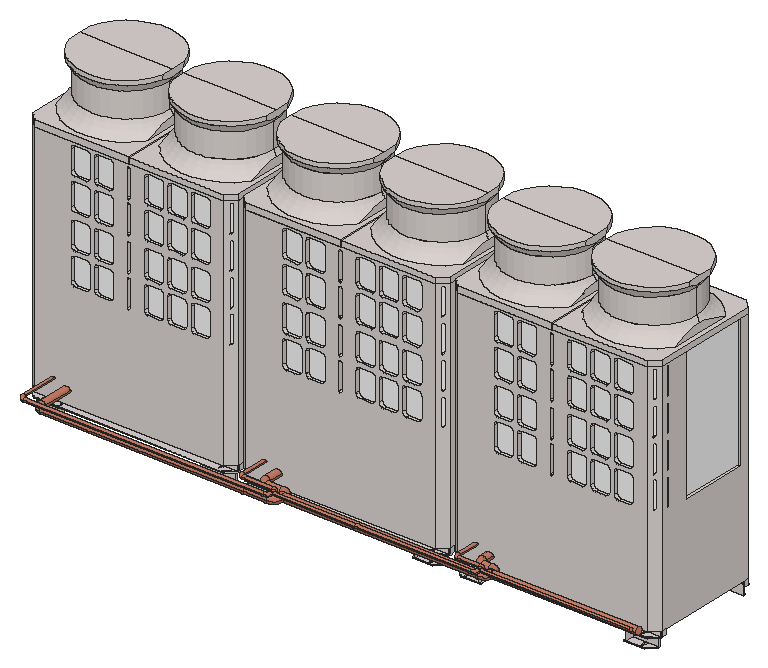
Revit family "PUHY-EP1300YSNW-A1", category 機械設備, Revit 2016 (continued)
Definition of nested family "PUHY-EP450YNW-A1"
  Dimensions and locks
    Extrusion 19 sketch curve to Extrusion 19 sketch curve = 170.800 mm
    Extrusion 20 sketch curve to Extrusion 20 sketch curve = 116.800 mm
    Extrusion 20 sketch curve to Extrusion 20 sketch curve = 170.800 mm
    Extrusion 21 sketch curve to Extrusion 21 sketch curve = 116.800 mm
    Extrusion 21 sketch curve to Extrusion 21 sketch curve = 170.800 mm
    plane 3 "Center (Left/Right)" to cut or joined group 1 (Extrusion 1, Extrusion 2, Extrusion 3, Extrusion 4, Extrusion 5, Extrusion 6, Extrusion 7, Extrusion 8, Extrusion 9, Extrusion 10, Extrusion 11, Extrusion 12, Extrusion 13, Extrusion 14, Extrusion 15, Extrusion 16, Extrusion 17, Extrusion 18, Extrusion 19, Extrusion 20, Extrusion 21, Extrusion 22, Extrusion 23, Extrusion 24, Extrusion 25, Extrusion 26, Extrusion 27, Extrusion 28, Extrusion 29, Extrusion 30, Extrusion 31, Extrusion 32, Extrusion 33) = 620.000 mm
    cut or joined group 1 to plane 3 "Center (Left/Right)" = 620.000 mm
    Extrusion 1 sketch curve to Extrusion 1 sketch curve = 1240.000 mm
    cut or joined group 1 to plane 8 = 185.000 mm
    cut or joined group 1 to plane 7 = 166.000 mm
    cut or joined group 1 to plane 6 = 110.000 mm
    cut or joined group 1 to plane 12 to cut or joined group 1 = 805.000 mm, 621.000 mm
    plane 5 to plane 2 = 1858.000 mm  (x2)
    cut or joined group 1 to plane 19 "132" = 132.000 mm
    cut or joined group 1 to plane 22 = 207.000 mm
    cut or joined group 1 to plane 23 = 256.000 mm
    cut or joined group 1 to plane 6 = 60.000 mm
    cut or joined group 1 to cut or joined group 1 = 42.154 mm
    cut or joined group 1 to cut or joined group 1 = 11.895 mm
    nested 1 to nested 3 to level = 1798.000 mm, 60.000 mm
    nested 1 to nested 1 = 303.000 mm
    nested 1 to nested 3 = 1495.000 mm
    nested 8 to nested 8 to nested 8 to nested 7 to nested 7 to nested 7 = 54.000 mm, 20.000 mm, 592.000 mm, 20.000 mm, 54.000 mm
    nested 3 to nested 3 = 56.000 mm
    plane 11 to plane 31 to plane 32 to cut or joined group 1 = 90.000 mm, 1060.000 mm, 90.000 mm
    curve 103 to nested 7 = 90.000 mm
    curve 104 to nested 7 = 125.000 mm
    curve 101 to nested 7 = 100.000 mm
    curve 11 to curve 13 to nested 7 = 84.000 mm, 71.000 mm
    cut or joined group 1 to curve 12 to curve 14 = 125.000 mm, 148.000 mm
    nested 2 to nested 7 = 1495.000 mm
    curve 87 to cut or joined group 1 = 152.000 mm
    curve 88 to cut or joined group 1 = 172.000 mm
    curve 89 to cut or joined group 1 = 216.000 mm
    cut or joined group 1 to curve 4 to curve 2 = 128.000 mm, 150.000 mm
    cut or joined group 1 to curve 1 to curve 3 = 79.000 mm, 94.000 mm
    Extrusion 32 sketch curve to nested 7 = 116.000 mm
    cut or joined group 1 to Extrusion 32 sketch curve = 160.000 mm
    cut or joined group 1 to Extrusion 33 sketch curve = 243.000 mm
    Extrusion 33 sketch curve to nested 7 = 116.000 mm
    aligned and locked: level to plane 2
    aligned and locked: Extrusion 1 to plane 4
  Nested families
    nested 1: "FAN GUARD" at (-311.5, 2, 860), type "FAN GUARD"
      with WIDTH 870.000 mm
    nested 2: "FAN GUARD" at (311.5, 2, 860) x (-1, 0, 0) z (0, 0, 1), type "FAN GUARD"
      with WIDTH 870.000 mm
    nested 3: "ATTACHMENT LEG" at (-524, -349, 0), type "ATTACHMENT LEG"
    nested 4: "ATTACHMENT LEG" at (-524, 349, 0), type "ATTACHMENT LEG"
    nested 5: "ATTACHMENT LEG" at (524, -349, 0) x (-1, 0, 0) z (0, 0, 1), type "ATTACHMENT LEG"
    nested 6: "ATTACHMENT LEG" at (524, 349, 0) x (-1, 0, 0) z (0, 0, 1), type "ATTACHMENT LEG"
    nested 7: "BASE LEG_L_" at (0, -352, 60), type "BASE LEG_L_"
      with Width 1240.000 mm
    nested 8: "BASE LEG_L_" at (0, 352, 60), type "BASE LEG_L_"
      with Width 1240.000 mm
  Connectors
    piping at (-460, -191, 176), diameter 25.4, driven by "Liquid pipe_radius"
      settings: on cut or joined group 1, index 3, connector inside diameter 25.4 mm, connector length 0.000 mm, flow factor 0, pipe flow 0.0 L/s, pressure drop 0.0 Pa, fitting loss kfactor 0, connector angle 0.00°, fixture units 0, engagement length 0.000 mm, angle of deflection 0.00°, flow configuration 0, flow direction 0, fitting loss method 0, system type 22, joint type 0, gender type 0, connector reference index -1, connector utility 0, adjustable connector no, is connector primary yes, connector description "Refrigerant service valve<Liquid pipe>"
    piping at (-377, -191, 176), diameter 28.58, driven by "Gas pipe_radius"
      settings: on cut or joined group 1, index 4, connector inside diameter 28.58 mm, connector length 0.000 mm, flow factor 0, pipe flow 0.0 L/s, pressure drop 0.0 Pa, fitting loss kfactor 0, connector angle 0.00°, fixture units 0, engagement length 0.000 mm, angle of deflection 0.00°, flow configuration 0, flow direction 0, fitting loss method 0, system type 22, joint type 0, gender type 0, connector reference index -1, connector utility 0, adjustable connector no, is connector primary no, connector description "Refrigerant service valve<Gas>"
    electrical at (0, -370, 808)
      settings: on cut or joined group 1, index 5, voltage 0 V, apparent load 0 VA, apparent load phase1 0 VA, apparent load phase2 0 VA, apparent load phase3 0 VA, power factor 1, load classification none, number of poles 1, system type 30, power factor state 1, is connector primary yes, connector utility no, sub classification motor no, connector description ""
  Definition of nested family "FAN GUARD"
    Parameters
      WIDTH [instance] = 870.000 mm
    Reference planes
      plane 1 "中心(正面/背面)": y = -2
      plane 2: z = 0
      plane 3 "ファンガード基準面": z = 661
      plane 4: y = 368
      plane 5: x = 366
      plane 6: x = -375
      plane 7 "ファンガード基準上面": z = 695
      plane 8 "ファンガード上面": z = 998
      plane 9: x = -273.971
      plane 10: x = 308.5
      plane 11: x = -308.5
      plane 12: x = 0
    Forms (mm)
      Extrusion 1, solid
        sketch origin (85, 0, 661) x (-1, 0, 0) y (0, -1, 0)
          loop
            line (343.5, -368) -> (393.5, -318) -> (393.5, 322) -> (343.5, 372) -> (-223.5, 372) -> (-223.5, -368) -> (343.5, -368)
        from 0 to 34
      Revolve 2, solid
        sketch origin (0, -2, 0) x (1, 0, 0) y (0, 0, 1)
          loop
            line (0, 695) -> (0, 998) -> (-290, 998) -> (-290, 972.327) -> (-260, 928.372) -> (-260, 777.384)
            arc (-260, 777.384) -> (-290.651, 730.137) -> (-334.665, 695) r 175.882
            line (-334.665, 695) -> (0, 695)
          axis (0, 998) -> (0, 695)
        angle from 0 to 360
      Extrusion 3, void
        sketch origin (-840, 75, 695) x (-1, 0, 0) y (0, -1, 0)
          loop
            line (-410, -165) -> (-410, 315) -> (-561.253, 315) -> (-561.253, -165) -> (-410, -165)
        from -35 to 430.592
      Extrusion 4, void
        sketch origin (840, 75, 695) x (1, 0, 0) y (0, 1, 0)
          loop
            line (-410, 165) -> (-561.253, 165) -> (-561.253, -315) -> (-410, -315) -> (-410, 165)
        from 0 to 430.592
    Cuts and joins
      Extrusion 3, Extrusion 4 cuts Revolve 2
      Extrusion 4 cuts Extrusion 1
    Lines and regions (mm)
      model lines
        curve 1: line (-278.747, 0, 998) -> (-80, 0, 998)
        curve 2: line (80, 0, 998) -> (278.747, 0, 998)
        curve 3: circle (0, 0, 998) r 80 normal (0, 0, 1)
        curve 4: line (-278.747, -80, 998) -> (278.747, -80, 998)
        curve 5: line (-241.868, -160, 998) -> (241.868, -160, 998)
        curve 6: line (-162.788, -240, 998) -> (162.788, -240, 998)
        curve 7: line (-278.747, 80, 998) -> (278.747, 80, 998)
        curve 8: line (-241.868, 160, 998) -> (240, 160, 998)
        curve 9: line (-160, 240, 998) -> (162.788, 240, 998)
        curve 10: line (0, 290, 998) -> (0, -290, 998)
        curve 11: line (-20, 289.31, 998) -> (-20, -289.31, 998)
        curve 12: line (-40, 287.228, 998) -> (-40, -287.228, 998)
        curve 13: line (-60, 283.725, 998) -> (-60, -283.725, 998)
        curve 14: line (-80, 278.747, 998) -> (-80, -278.747, 998)
        curve 15: line (20, 289.31, 998) -> (20, -289.31, 998)
        curve 16: line (40, 287.228, 998) -> (40, -287.228, 998)
        curve 17: line (60, 283.725, 998) -> (60, -283.725, 998)
        curve 18: line (80, 278.747, 998) -> (80, -278.747, 998)
        curve 19: line (100, 272.213, 998) -> (100, -272.213, 998)
        curve 20: line (120, 264.008, 998) -> (120, -264.008, 998)
        curve 21: line (140, 253.969, 998) -> (140, -253.969, 998)
        curve 22: line (160, 241.868, 998) -> (160, -243.132, 998)
        curve 23: line (180, 227.376, 998) -> (180, -227.624, 998)
        curve 24: line (200, 210, 998) -> (200, -210, 998)
        curve 25: line (220, 188.944, 998) -> (220, -188.944, 998)
        curve 26: line (240, 160, 998) -> (240, -162.788, 998)
        curve 27: line (260, 128.452, 998) -> (260, -128.452, 998)
        curve 28: line (-100, 272.213, 998) -> (-100, -272.213, 998)
        curve 29: line (-120, 264.008, 998) -> (-120, -264.008, 998)
        curve 30: line (-140, 253.969, 998) -> (-140, -253.969, 998)
        curve 31: line (-160, 240, 998) -> (-160, -241.868, 998)
        curve 32: line (-180, 227.376, 998) -> (-180, -227.376, 998)
        curve 33: line (-200, 210, 998) -> (-200, -210, 998)
        curve 34: line (-220, 188.944, 998) -> (-220, -188.944, 998)
        curve 35: line (-240, 162.788, 998) -> (-240, -162.788, 998)
        curve 36: line (-260, 128.452, 998) -> (-260, -128.452, 998)
        curve 37: line (10, 79.373, 998) -> (10, -79.373, 998)
        curve 38: line (-10, 79.373, 998) -> (-10, -79.373, 998)
        curve 39: line (30, 74.162, 998) -> (30, -74.162, 998)
        curve 40: line (50, 62.45, 998) -> (50, -62.45, 998)
        curve 41: line (70, 38.73, 998) -> (70, -38.73, 998)
        curve 42: line (-30, 74.162, 998) -> (-30, -74.162, 998)
        curve 43: line (-50, 62.45, 998) -> (-50, -62.45, 998)
        curve 44: line (-70, 38.73, 998) -> (-70, -38.73, 998)
    Dimensions and locks
      locked: plane 8 "ファンガード上面" to plane 7 "ファンガード基準上面" at 303
      plane 8 "ファンガード上面" to plane 3 "ファンガード基準面" = 337.000 mm
      Revolve 2 sketch curve to Revolve 2 sketch curve = 290.000 mm
      Extrusion 1 sketch curve to Extrusion 1 sketch curve = 740.000 mm
      equal spacing: Extrusion 1 sketch curve, plane 1 "中心(正面/背面)", Extrusion 1 sketch curve
      plane 6 to plane 5 = 741.000 mm
      Extrusion 1 sketch curve to Extrusion 1 sketch curve = 617.000 mm
      plane 11 to plane 10 = 617.000 mm
      cut or joined group of Extrusion 1, Extrusion 4 to cut or joined group of Extrusion 1, Extrusion 4 = 617.000 mm
      cut or joined group of Extrusion 1, Extrusion 4 to cut or joined group of Extrusion 1, Extrusion 4 = 740.000 mm
      aligned and locked: level to plane 2
      aligned and locked: plane 7 "ファンガード基準上面" to Extrusion 1
      aligned and locked: plane 3 "ファンガード基準面" to Extrusion 1
      aligned and locked: cut or joined group of Revolve 2, Extrusion 3, Extrusion 4 to plane 8 "ファンガード上面"
  Definition of nested family "ATTACHMENT LEG"
    Parameters
      Width = 145.000 mm
    Reference planes
      plane 1: z = 0
      plane 2 "中心(左/右)": x = -6
      plane 3: x = -52
      plane 4: x = 85
      plane 5: x = 93
      plane 6: y = -21
      plane 7: y = 27
      plane 8: x = -30
      plane 9: y = 39
      plane 10: z = 60
      plane 11: z = 57
      plane 12: z = 3
      plane 13: x = 82
      plane 14: y = 36
      plane 15: x = -75
      plane 16: y = 31
      plane 17 "幅": x = 93
      plane 18: y = 2.5
      plane 19: y = 21
      plane 20: y = -10
    Forms (mm)
      Extrusion 1, solid
        sketch origin (0, -1, 0) x (1, 0, 0) y (0, 1, 0)
          loop
            line (-75, 36) -> (-75, 27) -> (-28, -20) -> (93, -20) -> (93, 32) -> (85, 32) -> (85, 36) -> (-75, 36)
        from 0 to 60
      Extrusion 2, void
        sketch origin (0, -3, 0) x (1, 0, 0) y (0, 0, 1)
          loop
            line (-75, 57) -> (-75, 3) -> (82, 3) -> (82, 57) -> (-75, 57)
          loop
            line (93, 57) -> (85, 57) -> (85, 3) -> (93, 3) -> (93, 57)
        from -35 to 18
      Extrusion 3, void
        sketch origin (-6, 5.5, 0) x (1, 0, 0) y (0, 1, 0)
          loop
            arc (-7, -8.5) -> (0, -15.5) -> (7, -8.5) r 7
            line (7, -8.5) -> (7, 8.5)
            arc (7, 8.5) -> (0, 15.5) -> (-7, 8.5) r 7
            line (-7, 8.5) -> (-7, -8.5)
        from 0 to 60
    Cuts and joins
      Extrusion 2, Extrusion 3 cuts Extrusion 1
    Dimensions and locks
      locked: plane 3 to plane 4 at 137
      locked: plane 3 to plane 5 at 145
      plane 6 to plane 7 = 48.000 mm
      locked: plane 10 to level at 60
      Extrusion 3 sketch curve to plane 2 "中心(左/右)" = 7.000 mm
      locked: plane 15 to plane 2 "中心(左/右)" at 69
      locked: plane 15 to plane 8 at 45
      locked: plane 6 to plane 18 at 23.5
      cut or joined group of Extrusion 1, Extrusion 2, Extrusion 3 to cut or joined group of Extrusion 1, Extrusion 2, Extrusion 3 = 168.000 mm
      cut or joined group of Extrusion 1, Extrusion 2, Extrusion 3 to cut or joined group of Extrusion 1, Extrusion 2, Extrusion 3 = 56.000 mm  (x2)
      plane 14 to plane 6 = 57.000 mm
      aligned and locked: level to plane 1
      aligned and locked: Extrusion 1 sketch curve to plane 4
      aligned and locked: Extrusion 1 sketch curve to plane 5
      aligned: plane 8 to Extrusion 1 sketch curve
      aligned and locked: plane 10 to Extrusion 1
      aligned and locked: Extrusion 2 sketch curve to plane 11
      aligned: plane 3 to Extrusion 2 sketch curve
      aligned and locked: plane 12 to Extrusion 2 sketch curve
      aligned and locked: Extrusion 2 sketch curve to plane 13
      aligned and locked: plane 6 to Extrusion 2
      aligned and locked: plane 11 to Extrusion 2 sketch curve
      aligned and locked: plane 5 to Extrusion 2 sketch curve
      aligned and locked: Extrusion 2 sketch curve to plane 12
      aligned and locked: Extrusion 2 sketch curve to plane 4
      aligned and locked: plane 15 to Extrusion 1 sketch curve
      aligned and locked: Extrusion 2 sketch curve to cut or joined group of Extrusion 1, Extrusion 2, Extrusion 3
      aligned and locked: Extrusion 1 to plane 16
  Definition of nested family "BASE LEG_L_"
    Parameters
      Width [instance] = 1240.000 mm
    Reference planes
      plane 1 "中心(正面/背面)": y = 0
      plane 2: z = 0
      plane 3 "中心(左/右)": x = 0
      plane 4: x = 620
      plane 5: x = -620
      plane 6: x = -530
      plane 7: x = 530
      plane 8: y = -18
      plane 9: y = 39
      plane 10: z = 53
      plane 11: y = 42
      plane 12: y = 27
      plane 13: x = 575
      plane 14: x = -575
      plane 15: z = 8
      plane 16: y = 11.5
      plane 17: z = 35
    Forms (mm)
      Extrusion 1, solid
        sketch origin (0, 0, 0) x (0, 1, 0) y (0, 0, 1)
          loop
            line (-18, 0) -> (36, 0) -> (36, 32) -> (56, 32) -> (56, 35) -> (33, 35) -> (33, 3) -> (-18, 3) -> (-18, 0)
        from -620 to 620
      Extrusion 2, void
        sketch origin (0, 0, 0) x (1, 0, 0) y (0, 1, 0)
          loop
            line (575, -18) -> (620, -18) -> (620, 27) -> (575, -18)
          loop
            line (-575, -18) -> (-620, 27) -> (-620, -18) -> (-575, -18)
        from 0 to 250
      Extrusion 3, void
        sketch origin (0, 12.023, 0) x (1, 0, 0) y (0, 1, 0)
          loop
            arc (523, -2.971) -> (530, -9.971) -> (537, -2.971) r 7
            line (537, -2.971) -> (537, 3.023)
            arc (537, 3.023) -> (530, 10.023) -> (523, 3.023) r 7
            line (523, 3.023) -> (523, -2.971)
          loop
            line (-523, -2.971) -> (-523, 3.023)
            arc (-523, 3.023) -> (-530, 10.023) -> (-537, 3.023) r 7
            line (-537, 3.023) -> (-537, -2.971)
            arc (-537, -2.971) -> (-530, -9.971) -> (-523, -2.971) r 7
        from 0 to 250
      Extrusion 4, solid
        sketch origin (0, 0, -3) x (1, 0, 0) y (0, 0, 1)
          loop
            line (617, 8) -> (620, 8) -> (620, 35) -> (617, 35) -> (617, 8)
          loop
            line (-617, 8) -> (-617, 35) -> (-620, 35) -> (-620, 8) -> (-617, 8)
        from -36 to -56
      Extrusion 5, solid
        sketch origin (150, 352, 0) x (1, 0, 0) y (0, 1, 0)
          loop
            line (460, -319) -> (455, -319) -> (455, -320) -> (405, -370) -> (410, -370) -> (460, -320) -> (460, -319)
        from 3 to 35
      Extrusion 6, void
        sketch origin (560, -18, 0) x (0.707107, 0.707107, 0) y (0, 0, 1)
          loop
            line (70.711, 3) -> (-6.741, 39.767) -> (-6.741, 3) -> (70.711, 3)
        from -190.256 to 23.776
      Extrusion 7, solid
        sketch origin (-150, 352, 0) x (-1, 0, 0) y (0, -1, 0)
          loop
            line (460, 319) -> (460, 320) -> (410, 370) -> (405, 370) -> (455, 320) -> (455, 319) -> (460, 319)
        from 3 to 35
      Extrusion 8, void
        sketch origin (-560, -18, 0) x (0.707107, -0.707107, 0) y (0, 0, -1)
          loop
            line (-70.711, -3) -> (0, -35) -> (6.741, -35) -> (6.741, -3) -> (-70.711, -3)
        from -190.256 to 23.776
    Cuts and joins
      Extrusion 2, Extrusion 3 cuts Extrusion 1
      joined: Extrusion 1, Extrusion 4
      Extrusion 8 cuts Extrusion 7
      Extrusion 6 cuts Extrusion 5
    Dimensions and locks
      "Width": plane 5 to plane 4
      equal spacing: plane 5, plane 3 "中心(左/右)", plane 4
      locked: plane 5 to plane 6 at 90
      locked: plane 7 to plane 4 at 90
      locked: plane 8 to plane 9 at 57
      locked: plane 10 to level at 53
      locked: plane 9 to plane 11 at 3
      plane 8 to plane 12 = 45.000 mm
      locked: plane 13 to plane 4 at 45
      locked: plane 5 to plane 14 at 45
      equal spacing: Extrusion 3 sketch curve, plane 7, Extrusion 3 sketch curve
      equal spacing: Extrusion 3 sketch curve, plane 6, Extrusion 3 sketch curve
      locked: plane 10 to plane 15 at 45
      locked: cut or joined group of Extrusion 1, Extrusion 2, Extrusion 3, Extrusion 4 to Extrusion 4 sketch curve at 3  (x2)
      locked: plane 8 to plane 16 at 29.5
      plane 8 to plane 11 = 60.000 mm
      cut or joined group of Extrusion 1, Extrusion 2, Extrusion 3, Extrusion 4 to cut or joined group of Extrusion 1, Extrusion 2, Extrusion 3, Extrusion 4 = 35.000 mm
      aligned and locked: level to plane 2
      aligned and locked: plane 8 to Extrusion 1 sketch curve
      aligned and locked: plane 4 to Extrusion 1
      aligned and locked: Extrusion 1 to plane 5
      aligned and locked: Extrusion 2 sketch curve to plane 4
      aligned and locked: Extrusion 2 sketch curve to plane 8
      aligned and locked: plane 12 to Extrusion 2 sketch curve
      aligned and locked: plane 13 to Extrusion 2 sketch curve
      aligned and locked: plane 4 to Extrusion 4 sketch curve
      aligned and locked: plane 5 to Extrusion 4 sketch curve
      aligned and locked: cut or joined group of Extrusion 7, Extrusion 8 to cut or joined group of Extrusion 1, Extrusion 2, Extrusion 3, Extrusion 4
    Automatic sketch dimensions
      Extrusion 3 sketch curve to plane 1 "中心(正面/背面)" = 9.052 mm  (x2)
      Extrusion 3 sketch curve to plane 7 = 7.000 mm
      Extrusion 3 sketch curve to plane 1 "中心(正面/背面)" = 15.046 mm  (x2)
      Extrusion 3 sketch curve to plane 6 = 7.000 mm
      Extrusion 2 sketch curve to plane 5 = 0.000 mm
      plane 8 to Extrusion 2 sketch curve = 0.000 mm
      Extrusion 2 sketch curve to plane 14 = 0.000 mm
      plane 12 to Extrusion 2 sketch curve = 0.000 mm
      Extrusion 4 sketch curve to plane 10 = 21.000 mm
      plane 7 to Extrusion 5 sketch curve = 25.000 mm
      Extrusion 5 sketch curve to Extrusion 5 sketch curve = 5.000 mm  (x2)
      plane 7 to Extrusion 5 sketch curve = 75.000 mm
      plane 8 to Extrusion 5 sketch curve = 0.000 mm
      Extrusion 5 sketch curve to Extrusion 5 sketch curve = 50.000 mm
      Extrusion 5 sketch curve to Extrusion 5 sketch curve = 0.000 mm
      Extrusion 5 sketch curve to Extrusion 5 sketch curve = 1.000 mm
      Extrusion 6 sketch curve to Extrusion 5 = 0.000 mm  (x2)
      Extrusion 6 sketch curve to Extrusion 5 = 6.741 mm
      Extrusion 6 sketch curve to Extrusion 5 = 4.767 mm
      plane 6 to Extrusion 7 sketch curve = 25.000 mm
      Extrusion 7 sketch curve to Extrusion 7 sketch curve = 5.000 mm  (x2)
      Extrusion 7 sketch curve to Extrusion 7 sketch curve = 45.000 mm
      Extrusion 7 sketch curve to plane 8 = 0.000 mm
      Extrusion 7 sketch curve to Extrusion 7 sketch curve = 50.000 mm
      Extrusion 7 sketch curve to Extrusion 7 sketch curve = 0.000 mm
      Extrusion 7 sketch curve to Extrusion 7 sketch curve = 1.000 mm
      Extrusion 8 sketch curve to Extrusion 7 = 0.000 mm  (x2)
      Extrusion 7 to Extrusion 8 sketch curve = 0.000 mm  (x2)
      Extrusion 7 to Extrusion 8 sketch curve = 6.741 mm
      Extrusion 4 sketch curve to plane 17 = 3.000 mm
      Extrusion 4 sketch curve to plane 15 = 3.000 mm  (x2)
      Extrusion 1 sketch curve to plane 17 = 0.000 mm
      Extrusion 1 sketch curve to level = 0.000 mm
      level to Extrusion 1 sketch curve = 3.000 mm
      plane 9 to Extrusion 1 sketch curve = 6.000 mm
      plane 9 to Extrusion 1 sketch curve = 3.000 mm
      Extrusion 1 sketch curve to plane 17 = 3.000 mm
      Extrusion 1 sketch curve to plane 11 = 14.000 mm
Definition of nested family "PUHY-EP400YNW-A1"
  Parameters
    Model = "PUHY-P400YNW-A"
    URL = "http://www.mitsubishielectric.com/"
    Manufacturer = "Mitsubishi Electric Corporation"
    Liquid pipe_radius = 12.700 mm
    Gas pipe_radius = 14.290 mm
  Reference planes
    plane 1 "Center (Front/Back)": y = 0
    plane 2: z = 0
    plane 3 "Center (Left/Right)": x = 0
    plane 4: y = 370
    plane 5: z = 1858
    plane 6: y = -260
    plane 7: y = -204
    plane 8: y = -185
    plane 9: x = -620
    plane 10: x = 620
    plane 11: x = -620
    plane 12: z = 716
    plane 13: x = -524
    plane 14: z = 669
    plane 15: x = -50.5
    plane 16: x = 51
    plane 17: x = 489
    plane 18: x = 467
    plane 19 "132": x = 488
    plane 20 "100": z = 160
    plane 21: z = 185
    plane 22: x = 413
    plane 23: x = 364
    plane 24: z = 150
    plane 25: x = -287.25
    plane 26: x = -137.25
    plane 27: x = -272.25
    plane 28: y = -278
    plane 29: z = 1509
    plane 30: y = -370
    plane 31: x = -530
    plane 32: x = 530
    plane 33 "179": y = -191
  Forms (mm)
    Extrusion 1, solid
      sketch origin (-1, 0, 113) x (-1, 0, 0) y (0, -1, 0)
        loop
          line (569, -370) -> (619, -320) -> (619, 320) -> (569, 370) -> (-571, 370) -> (-621, 320) -> (-621, -320) -> (-571, -370) -> (569, -370)
      from -18 to 1408
    Extrusion 2, void
      sketch origin (524, -370, 113) x (1, 0, 0) y (0, 0, -1)
        loop
          arc (-60.8, -1393.5) -> (-42.557, -1385.943) -> (-35, -1367.7) r 25.8
          line (-35, -1367.7) -> (-35, -1248.5)
          arc (-35, -1248.5) -> (-42.557, -1230.257) -> (-60.8, -1222.7) r 25.8
          line (-60.8, -1222.7) -> (-126, -1222.7)
          arc (-126, -1222.7) -> (-144.243, -1230.257) -> (-151.8, -1248.5) r 25.8
          line (-151.8, -1248.5) -> (-151.8, -1367.7)
          arc (-151.8, -1367.7) -> (-144.243, -1385.943) -> (-126, -1393.5) r 25.8
          line (-126, -1393.5) -> (-60.8, -1393.5)
      from 0 to 20
    Extrusion 3, void
      sketch origin (524, -370, -81) x (1, 0, 0) y (0, 0, -1)
        loop
          arc (-60.8, -1393.5) -> (-42.557, -1385.943) -> (-35, -1367.7) r 25.8
          line (-35, -1367.7) -> (-35, -1248.5)
          arc (-35, -1248.5) -> (-42.557, -1230.257) -> (-60.8, -1222.7) r 25.8
          line (-60.8, -1222.7) -> (-126, -1222.7)
          arc (-126, -1222.7) -> (-144.243, -1230.257) -> (-151.8, -1248.5) r 25.8
          line (-151.8, -1248.5) -> (-151.8, -1367.7)
          arc (-151.8, -1367.7) -> (-144.243, -1385.943) -> (-126, -1393.5) r 25.8
          line (-126, -1393.5) -> (-60.8, -1393.5)
      from 0 to 20
    Extrusion 4, void
      sketch origin (524, -370, -287) x (1, 0, 0) y (0, 0, -1)
        loop
          arc (-60.8, -1393.5) -> (-42.557, -1385.943) -> (-35, -1367.7) r 25.8
          line (-35, -1367.7) -> (-35, -1248.5)
          arc (-35, -1248.5) -> (-42.557, -1230.257) -> (-60.8, -1222.7) r 25.8
          line (-60.8, -1222.7) -> (-126, -1222.7)
          arc (-126, -1222.7) -> (-144.243, -1230.257) -> (-151.8, -1248.5) r 25.8
          line (-151.8, -1248.5) -> (-151.8, -1367.7)
          arc (-151.8, -1367.7) -> (-144.243, -1385.943) -> (-126, -1393.5) r 25.8
          line (-126, -1393.5) -> (-60.8, -1393.5)
      from 0 to 20
    Extrusion 5, void
      sketch origin (524, -370, -481) x (1, 0, 0) y (0, 0, -1)
        loop
          arc (-60.8, -1393.5) -> (-42.557, -1385.943) -> (-35, -1367.7) r 25.8
          line (-35, -1367.7) -> (-35, -1248.5)
          arc (-35, -1248.5) -> (-42.557, -1230.257) -> (-60.8, -1222.7) r 25.8
          line (-60.8, -1222.7) -> (-126, -1222.7)
          arc (-126, -1222.7) -> (-144.243, -1230.257) -> (-151.8, -1248.5) r 25.8
          line (-151.8, -1248.5) -> (-151.8, -1367.7)
          arc (-151.8, -1367.7) -> (-144.243, -1385.943) -> (-126, -1393.5) r 25.8
          line (-126, -1393.5) -> (-60.8, -1393.5)
      from 0 to 20
    Extrusion 6, void
      sketch origin (384, -370, 113) x (1, 0, 0) y (0, 0, -1)
        loop
          arc (-60.8, -1393.5) -> (-42.557, -1385.943) -> (-35, -1367.7) r 25.8
          line (-35, -1367.7) -> (-35, -1248.5)
          arc (-35, -1248.5) -> (-42.557, -1230.257) -> (-60.8, -1222.7) r 25.8
          line (-60.8, -1222.7) -> (-126, -1222.7)
          arc (-126, -1222.7) -> (-144.243, -1230.257) -> (-151.8, -1248.5) r 25.8
          line (-151.8, -1248.5) -> (-151.8, -1367.7)
          arc (-151.8, -1367.7) -> (-144.243, -1385.943) -> (-126, -1393.5) r 25.8
          line (-126, -1393.5) -> (-60.8, -1393.5)
      from 0 to 20
    Extrusion 7, void
      sketch origin (384, -370, -81) x (1, 0, 0) y (0, 0, -1)
        loop
          arc (-60.8, -1393.5) -> (-42.557, -1385.943) -> (-35, -1367.7) r 25.8
          line (-35, -1367.7) -> (-35, -1248.5)
          arc (-35, -1248.5) -> (-42.557, -1230.257) -> (-60.8, -1222.7) r 25.8
          line (-60.8, -1222.7) -> (-126, -1222.7)
          arc (-126, -1222.7) -> (-144.243, -1230.257) -> (-151.8, -1248.5) r 25.8
          line (-151.8, -1248.5) -> (-151.8, -1367.7)
          arc (-151.8, -1367.7) -> (-144.243, -1385.943) -> (-126, -1393.5) r 25.8
          line (-126, -1393.5) -> (-60.8, -1393.5)
      from 0 to 20
    Extrusion 8, void
      sketch origin (384, -370, -287) x (1, 0, 0) y (0, 0, -1)
        loop
          arc (-60.8, -1393.5) -> (-42.557, -1385.943) -> (-35, -1367.7) r 25.8
          line (-35, -1367.7) -> (-35, -1248.5)
          arc (-35, -1248.5) -> (-42.557, -1230.257) -> (-60.8, -1222.7) r 25.8
          line (-60.8, -1222.7) -> (-126, -1222.7)
          arc (-126, -1222.7) -> (-144.243, -1230.257) -> (-151.8, -1248.5) r 25.8
          line (-151.8, -1248.5) -> (-151.8, -1367.7)
          arc (-151.8, -1367.7) -> (-144.243, -1385.943) -> (-126, -1393.5) r 25.8
          line (-126, -1393.5) -> (-60.8, -1393.5)
      from 0 to 20
    Extrusion 9, void
      sketch origin (384, -370, -481) x (1, 0, 0) y (0, 0, -1)
        loop
          arc (-60.8, -1393.5) -> (-42.557, -1385.943) -> (-35, -1367.7) r 25.8
          line (-35, -1367.7) -> (-35, -1248.5)
          arc (-35, -1248.5) -> (-42.557, -1230.257) -> (-60.8, -1222.7) r 25.8
          line (-60.8, -1222.7) -> (-126, -1222.7)
          arc (-126, -1222.7) -> (-144.243, -1230.257) -> (-151.8, -1248.5) r 25.8
          line (-151.8, -1248.5) -> (-151.8, -1367.7)
          arc (-151.8, -1367.7) -> (-144.243, -1385.943) -> (-126, -1393.5) r 25.8
          line (-126, -1393.5) -> (-60.8, -1393.5)
      from 0 to 20
    Extrusion 10, void
      sketch origin (244, -370, 113) x (1, 0, 0) y (0, 0, -1)
        loop
          arc (-60.8, -1393.5) -> (-42.557, -1385.943) -> (-35, -1367.7) r 25.8
          line (-35, -1367.7) -> (-35, -1248.5)
          arc (-35, -1248.5) -> (-42.557, -1230.257) -> (-60.8, -1222.7) r 25.8
          line (-60.8, -1222.7) -> (-126, -1222.7)
          arc (-126, -1222.7) -> (-144.243, -1230.257) -> (-151.8, -1248.5) r 25.8
          line (-151.8, -1248.5) -> (-151.8, -1367.7)
          arc (-151.8, -1367.7) -> (-144.243, -1385.943) -> (-126, -1393.5) r 25.8
          line (-126, -1393.5) -> (-60.8, -1393.5)
      from 0 to 20
    Extrusion 11, void
      sketch origin (244, -370, -81) x (1, 0, 0) y (0, 0, -1)
        loop
          arc (-60.8, -1393.5) -> (-42.557, -1385.943) -> (-35, -1367.7) r 25.8
          line (-35, -1367.7) -> (-35, -1248.5)
          arc (-35, -1248.5) -> (-42.557, -1230.257) -> (-60.8, -1222.7) r 25.8
          line (-60.8, -1222.7) -> (-126, -1222.7)
          arc (-126, -1222.7) -> (-144.243, -1230.257) -> (-151.8, -1248.5) r 25.8
          line (-151.8, -1248.5) -> (-151.8, -1367.7)
          arc (-151.8, -1367.7) -> (-144.243, -1385.943) -> (-126, -1393.5) r 25.8
          line (-126, -1393.5) -> (-60.8, -1393.5)
      from 0 to 20
    Extrusion 12, void
      sketch origin (244, -370, -287) x (1, 0, 0) y (0, 0, -1)
        loop
          arc (-60.8, -1393.5) -> (-42.557, -1385.943) -> (-35, -1367.7) r 25.8
          line (-35, -1367.7) -> (-35, -1248.5)
          arc (-35, -1248.5) -> (-42.557, -1230.257) -> (-60.8, -1222.7) r 25.8
          line (-60.8, -1222.7) -> (-126, -1222.7)
          arc (-126, -1222.7) -> (-144.243, -1230.257) -> (-151.8, -1248.5) r 25.8
          line (-151.8, -1248.5) -> (-151.8, -1367.7)
          arc (-151.8, -1367.7) -> (-144.243, -1385.943) -> (-126, -1393.5) r 25.8
          line (-126, -1393.5) -> (-60.8, -1393.5)
      from 0 to 20
    Extrusion 13, void
      sketch origin (244, -370, -481) x (1, 0, 0) y (0, 0, -1)
        loop
          arc (-60.8, -1393.5) -> (-42.557, -1385.943) -> (-35, -1367.7) r 25.8
          line (-35, -1367.7) -> (-35, -1248.5)
          arc (-35, -1248.5) -> (-42.557, -1230.257) -> (-60.8, -1222.7) r 25.8
          line (-60.8, -1222.7) -> (-126, -1222.7)
          arc (-126, -1222.7) -> (-144.243, -1230.257) -> (-151.8, -1248.5) r 25.8
          line (-151.8, -1248.5) -> (-151.8, -1367.7)
          arc (-151.8, -1367.7) -> (-144.243, -1385.943) -> (-126, -1393.5) r 25.8
          line (-126, -1393.5) -> (-60.8, -1393.5)
      from 0 to 20
    Extrusion 14, void
      sketch origin (-56, -370, 113) x (1, 0, 0) y (0, 0, -1)
        loop
          arc (-60.8, -1393.5) -> (-42.557, -1385.943) -> (-35, -1367.7) r 25.8
          line (-35, -1367.7) -> (-35, -1248.5)
          arc (-35, -1248.5) -> (-42.557, -1230.257) -> (-60.8, -1222.7) r 25.8
          line (-60.8, -1222.7) -> (-126, -1222.7)
          arc (-126, -1222.7) -> (-144.243, -1230.257) -> (-151.8, -1248.5) r 25.8
          line (-151.8, -1248.5) -> (-151.8, -1367.7)
          arc (-151.8, -1367.7) -> (-144.243, -1385.943) -> (-126, -1393.5) r 25.8
          line (-126, -1393.5) -> (-60.8, -1393.5)
      from 0 to 20
    Extrusion 15, void
      sketch origin (-56, -370, -81) x (1, 0, 0) y (0, 0, -1)
        loop
          arc (-60.8, -1393.5) -> (-42.557, -1385.943) -> (-35, -1367.7) r 25.8
          line (-35, -1367.7) -> (-35, -1248.5)
          arc (-35, -1248.5) -> (-42.557, -1230.257) -> (-60.8, -1222.7) r 25.8
          line (-60.8, -1222.7) -> (-126, -1222.7)
          arc (-126, -1222.7) -> (-144.243, -1230.257) -> (-151.8, -1248.5) r 25.8
          line (-151.8, -1248.5) -> (-151.8, -1367.7)
          arc (-151.8, -1367.7) -> (-144.243, -1385.943) -> (-126, -1393.5) r 25.8
          line (-126, -1393.5) -> (-60.8, -1393.5)
      from 0 to 20
    Extrusion 16, void
      sketch origin (-56, -370, -287) x (1, 0, 0) y (0, 0, -1)
        loop
          arc (-60.8, -1393.5) -> (-42.557, -1385.943) -> (-35, -1367.7) r 25.8
          line (-35, -1367.7) -> (-35, -1248.5)
          arc (-35, -1248.5) -> (-42.557, -1230.257) -> (-60.8, -1222.7) r 25.8
          line (-60.8, -1222.7) -> (-126, -1222.7)
          arc (-126, -1222.7) -> (-144.243, -1230.257) -> (-151.8, -1248.5) r 25.8
          line (-151.8, -1248.5) -> (-151.8, -1367.7)
          arc (-151.8, -1367.7) -> (-144.243, -1385.943) -> (-126, -1393.5) r 25.8
          line (-126, -1393.5) -> (-60.8, -1393.5)
      from 0 to 20
    Extrusion 17, void
      sketch origin (-56, -370, -481) x (1, 0, 0) y (0, 0, -1)
        loop
          arc (-60.8, -1393.5) -> (-42.557, -1385.943) -> (-35, -1367.7) r 25.8
          line (-35, -1367.7) -> (-35, -1248.5)
          arc (-35, -1248.5) -> (-42.557, -1230.257) -> (-60.8, -1222.7) r 25.8
          line (-60.8, -1222.7) -> (-126, -1222.7)
          arc (-126, -1222.7) -> (-144.243, -1230.257) -> (-151.8, -1248.5) r 25.8
          line (-151.8, -1248.5) -> (-151.8, -1367.7)
          arc (-151.8, -1367.7) -> (-144.243, -1385.943) -> (-126, -1393.5) r 25.8
          line (-126, -1393.5) -> (-60.8, -1393.5)
      from 0 to 20
    Extrusion 18, void
      sketch origin (-196, -370, 113) x (1, 0, 0) y (0, 0, -1)
        loop
          arc (-60.8, -1393.5) -> (-42.557, -1385.943) -> (-35, -1367.7) r 25.8
          line (-35, -1367.7) -> (-35, -1248.5)
          arc (-35, -1248.5) -> (-42.557, -1230.257) -> (-60.8, -1222.7) r 25.8
          line (-60.8, -1222.7) -> (-126, -1222.7)
          arc (-126, -1222.7) -> (-144.243, -1230.257) -> (-151.8, -1248.5) r 25.8
          line (-151.8, -1248.5) -> (-151.8, -1367.7)
          arc (-151.8, -1367.7) -> (-144.243, -1385.943) -> (-126, -1393.5) r 25.8
          line (-126, -1393.5) -> (-60.8, -1393.5)
      from 0 to 20
    Extrusion 19, void
      sketch origin (-196, -370, -81) x (1, 0, 0) y (0, 0, -1)
        loop
          arc (-60.8, -1393.5) -> (-42.557, -1385.943) -> (-35, -1367.7) r 25.8
          line (-35, -1367.7) -> (-35, -1248.5)
          arc (-35, -1248.5) -> (-42.557, -1230.257) -> (-60.8, -1222.7) r 25.8
          line (-60.8, -1222.7) -> (-126, -1222.7)
          arc (-126, -1222.7) -> (-144.243, -1230.257) -> (-151.8, -1248.5) r 25.8
          line (-151.8, -1248.5) -> (-151.8, -1367.7)
          arc (-151.8, -1367.7) -> (-144.243, -1385.943) -> (-126, -1393.5) r 25.8
          line (-126, -1393.5) -> (-60.8, -1393.5)
      from 0 to 20
    Extrusion 20, void
      sketch origin (-196, -370, -287) x (1, 0, 0) y (0, 0, -1)
        loop
          arc (-60.8, -1393.5) -> (-42.557, -1385.943) -> (-35, -1367.7) r 25.8
          line (-35, -1367.7) -> (-35, -1248.5)
          arc (-35, -1248.5) -> (-42.557, -1230.257) -> (-60.8, -1222.7) r 25.8
          line (-60.8, -1222.7) -> (-126, -1222.7)
          arc (-126, -1222.7) -> (-144.243, -1230.257) -> (-151.8, -1248.5) r 25.8
          line (-151.8, -1248.5) -> (-151.8, -1367.7)
          arc (-151.8, -1367.7) -> (-144.243, -1385.943) -> (-126, -1393.5) r 25.8
          line (-126, -1393.5) -> (-60.8, -1393.5)
      from 0 to 20
    Extrusion 21, void
      sketch origin (-196, -370, -481) x (1, 0, 0) y (0, 0, -1)
        loop
          arc (-60.8, -1393.5) -> (-42.557, -1385.943) -> (-35, -1367.7) r 25.8
          line (-35, -1367.7) -> (-35, -1248.5)
          arc (-35, -1248.5) -> (-42.557, -1230.257) -> (-60.8, -1222.7) r 25.8
          line (-60.8, -1222.7) -> (-126, -1222.7)
          arc (-126, -1222.7) -> (-144.243, -1230.257) -> (-151.8, -1248.5) r 25.8
          line (-151.8, -1248.5) -> (-151.8, -1367.7)
          arc (-151.8, -1367.7) -> (-144.243, -1385.943) -> (-126, -1393.5) r 25.8
          line (-126, -1393.5) -> (-60.8, -1393.5)
      from 0 to 20
    Extrusion 22, void
      sketch origin (620, 320, 113) x (0, 1, 0) y (0, 0, -1)
        loop
          line (-462.3, -1408) -> (-50.8, -1408) -> (-50.8, -612) -> (-462.3, -612) -> (-462.3, -1408)
      from 0 to 20
    Extrusion 23, void
      sketch origin (-620, -320, 113) x (0, -1, 0) y (0, 0, -1)
        loop
          line (-535.7, -1408) -> (-207.7, -1408) -> (-207.7, -592) -> (-535.7, -592) -> (-535.7, -1408)
      from 0 to 20
    Extrusion 24, void
      sketch origin (194.892, 370, 113) x (-1, 0, 0) y (0, 0, -1)
        loop
          arc (204.892, -1225.013) -> (194.892, -1215.013) -> (184.892, -1225.013) r 10
          line (184.892, -1225.013) -> (184.892, -1379.987)
          arc (184.892, -1379.987) -> (194.892, -1389.987) -> (204.892, -1379.987) r 10
          line (204.892, -1379.987) -> (204.892, -1225.013)
        loop
          arc (204.892, -1031.013) -> (194.892, -1021.013) -> (184.892, -1031.013) r 10
          line (184.892, -1031.013) -> (184.892, -1185.987)
          arc (184.892, -1185.987) -> (194.892, -1195.987) -> (204.892, -1185.987) r 10
          line (204.892, -1185.987) -> (204.892, -1031.013)
        loop
          arc (204.892, -825.013) -> (194.892, -815.013) -> (184.892, -825.013) r 10
          line (184.892, -825.013) -> (184.892, -979.987)
          arc (184.892, -979.987) -> (194.892, -989.987) -> (204.892, -979.987) r 10
          line (204.892, -979.987) -> (204.892, -825.013)
        loop
          arc (204.892, -631.013) -> (194.892, -621.013) -> (184.892, -631.013) r 10
          line (184.892, -631.013) -> (184.892, -785.987)
          arc (184.892, -785.987) -> (194.892, -795.987) -> (204.892, -785.987) r 10
          line (204.892, -785.987) -> (204.892, -631.013)
      from 0 to 20
    Extrusion 25, void
      sketch origin (-570, 370, 113) x (0.707107, 0.707107, 0) y (0, 0, 1)
        loop
          arc (-45.355, 1236) -> (-35.355, 1226) -> (-25.355, 1236) r 10
          line (-25.355, 1236) -> (-25.355, 1386)
          arc (-25.355, 1386) -> (-35.355, 1396) -> (-45.355, 1386) r 10
          line (-45.355, 1386) -> (-45.355, 1236)
        loop
          arc (-45.355, 1036) -> (-35.355, 1026) -> (-25.355, 1036) r 10
          line (-25.355, 1036) -> (-25.355, 1186)
          arc (-25.355, 1186) -> (-35.355, 1196) -> (-45.355, 1186) r 10
          line (-45.355, 1186) -> (-45.355, 1036)
        loop
          arc (-45.355, 836) -> (-35.355, 826) -> (-25.355, 836) r 10
          line (-25.355, 836) -> (-25.355, 986)
          arc (-25.355, 986) -> (-35.355, 996) -> (-45.355, 986) r 10
          line (-45.355, 986) -> (-45.355, 836)
        loop
          arc (-45.355, 641) -> (-35.355, 631) -> (-25.355, 641) r 10
          line (-25.355, 641) -> (-25.355, 791)
          arc (-25.355, 791) -> (-35.355, 801) -> (-45.355, 791) r 10
          line (-45.355, 791) -> (-45.355, 641)
      from 0 to 20
    Extrusion 26, void
      sketch origin (-620, -320, 113) x (0, -1, 0) y (0, 0, -1)
        loop
          line (-607.846, -1035.895) -> (-607.846, -1186.105)
          arc (-607.846, -1186.105) -> (-597.846, -1196.105) -> (-587.846, -1186.105) r 10
          line (-587.846, -1186.105) -> (-587.846, -1035.895)
          arc (-587.846, -1035.895) -> (-597.846, -1025.895) -> (-607.846, -1035.895) r 10
        loop
          line (-607.846, -835.895) -> (-607.846, -986.105)
          arc (-607.846, -986.105) -> (-597.846, -996.105) -> (-587.846, -986.105) r 10
          line (-587.846, -986.105) -> (-587.846, -835.895)
          arc (-587.846, -835.895) -> (-597.846, -825.895) -> (-607.846, -835.895) r 10
        loop
          line (-607.846, -1235.895) -> (-607.846, -1386.105)
          arc (-607.846, -1386.105) -> (-597.846, -1396.105) -> (-587.846, -1386.105) r 10
          line (-587.846, -1386.105) -> (-587.846, -1235.895)
          arc (-587.846, -1235.895) -> (-597.846, -1225.895) -> (-607.846, -1235.895) r 10
        loop
          line (-607.846, -635.895) -> (-607.846, -786.105)
          arc (-607.846, -786.105) -> (-597.846, -796.105) -> (-587.846, -786.105) r 10
          line (-587.846, -786.105) -> (-587.846, -635.895)
          arc (-587.846, -635.895) -> (-597.846, -625.895) -> (-607.846, -635.895) r 10
      from 0 to 20
    Extrusion 27, void
      sketch origin (1079, -370, 113) x (1, 0, 0) y (0, 0, -1)
        loop
          arc (-1089, -1379.975) -> (-1079, -1389.975) -> (-1069, -1379.975) r 10
          line (-1069, -1379.975) -> (-1069, -1225)
          arc (-1069, -1225) -> (-1079, -1215) -> (-1089, -1225) r 10
          line (-1089, -1225) -> (-1089, -1379.975)
        loop
          arc (-1089, -1185.975) -> (-1079, -1195.975) -> (-1069, -1185.975) r 10
          line (-1069, -1185.975) -> (-1069, -1031)
          arc (-1069, -1031) -> (-1079, -1021) -> (-1089, -1031) r 10
          line (-1089, -1031) -> (-1089, -1185.975)
        loop
          arc (-1089, -979.975) -> (-1079, -989.975) -> (-1069, -979.975) r 10
          line (-1069, -979.975) -> (-1069, -825)
          arc (-1069, -825) -> (-1079, -815) -> (-1089, -825) r 10
          line (-1089, -825) -> (-1089, -979.975)
        loop
          arc (-1089, -785.975) -> (-1079, -795.975) -> (-1069, -785.975) r 10
          line (-1069, -785.975) -> (-1069, -631)
          arc (-1069, -631) -> (-1079, -621) -> (-1089, -631) r 10
          line (-1089, -631) -> (-1089, -785.975)
      from 0 to 20
    Extrusion 28, void
      sketch origin (-571, 370, 113) x (-1, 0, 0) y (0, 0, -1)
        loop
          line (-519.5, -1408) -> (-48, -1408) -> (-48, -556) -> (-519.5, -556) -> (-519.5, -1408)
      from 0 to 20
    Extrusion 29, void
      sketch origin (-571, 370, 113) x (-1, 0, 0) y (0, 0, -1)
        loop
          line (-1038, -1408) -> (-622, -1408) -> (-622, -556) -> (-1038, -556) -> (-1038, -1408)
      from 0 to 20
    Extrusion 30, void
      sketch origin (620, 320, 113) x (0, 1, 0) y (0, 0, -1)
        loop
          arc (-588, -1035.791) -> (-598, -1025.791) -> (-608, -1035.791) r 10
          line (-608, -1035.791) -> (-608, -1186)
          arc (-608, -1186) -> (-598, -1196) -> (-588, -1186) r 10
          line (-588, -1186) -> (-588, -1035.791)
        loop
          arc (-588, -835.791) -> (-598, -825.791) -> (-608, -835.791) r 10
          line (-608, -835.791) -> (-608, -986)
          arc (-608, -986) -> (-598, -996) -> (-588, -986) r 10
          line (-588, -986) -> (-588, -835.791)
        loop
          arc (-588, -1235.791) -> (-598, -1225.791) -> (-608, -1235.791) r 10
          line (-608, -1235.791) -> (-608, -1386)
          arc (-608, -1386) -> (-598, -1396) -> (-588, -1386) r 10
          line (-588, -1386) -> (-588, -1235.791)
        loop
          arc (-588, -635.791) -> (-598, -625.791) -> (-608, -635.791) r 10
          line (-608, -635.791) -> (-608, -786)
          arc (-608, -786) -> (-598, -796) -> (-588, -786) r 10
          line (-588, -786) -> (-588, -635.791)
      from 0 to 20
    Extrusion 31, void
      sketch origin (1291.751, 351.751, 113) x (0.707107, 0.707107, 0) y (0, 0, -1)
        loop
          line (-995.311, -1236) -> (-995.311, -1386)
          arc (-995.311, -1386) -> (-985.311, -1396) -> (-975.311, -1386) r 10
          line (-975.311, -1386) -> (-975.311, -1236)
          arc (-975.311, -1236) -> (-985.311, -1226) -> (-995.311, -1236) r 10
        loop
          line (-995.311, -1036) -> (-995.311, -1186)
          arc (-995.311, -1186) -> (-985.311, -1196) -> (-975.311, -1186) r 10
          line (-975.311, -1186) -> (-975.311, -1036)
          arc (-975.311, -1036) -> (-985.311, -1026) -> (-995.311, -1036) r 10
        loop
          line (-995.311, -836) -> (-995.311, -986)
          arc (-995.311, -986) -> (-985.311, -996) -> (-975.311, -986) r 10
          line (-975.311, -986) -> (-975.311, -836)
          arc (-975.311, -836) -> (-985.311, -826) -> (-995.311, -836) r 10
        loop
          line (-995.311, -641) -> (-995.311, -791)
          arc (-995.311, -791) -> (-985.311, -801) -> (-975.311, -791) r 10
          line (-975.311, -791) -> (-975.311, -641)
          arc (-975.311, -641) -> (-985.311, -631) -> (-995.311, -641) r 10
      from 0 to 20
    Extrusion 32, void
      sketch origin (0, -191, 0) x (-1, 0, 0) y (0, 0, 1)
        loop
          circle (460, 176) r 6.35
      from 0 to 78.7
    Extrusion 33, void
      sketch origin (0, -191, 0) x (-1, 0, 0) y (0, 0, 1)
        loop
          circle (377, 176) r 14.29
      from 0 to 78.7
  Cuts and joins
    Extrusion 2, Extrusion 3, Extrusion 4, Extrusion 5, Extrusion 6, Extrusion 7, Extrusion 8, Extrusion 9, Extrusion 10, Extrusion 11, Extrusion 12, Extrusion 13, Extrusion 14, Extrusion 15, Extrusion 16, Extrusion 17, Extrusion 18, Extrusion 19, Extrusion 20, Extrusion 21, Extrusion 22, Extrusion 23, Extrusion 24, Extrusion 25, Extrusion 26, Extrusion 27, Extrusion 28, Extrusion 29, Extrusion 30, Extrusion 31, Extrusion 32, Extrusion 33 cuts Extrusion 1
  Lines and regions (mm)
    model lines
      curve 1: line (-351, -291, 95) -> (-481, -291, 95)
      curve 2: line (-342, -206, 95) -> (-342, -282, 95)
      curve 3: line (-481, -197, 95) -> (-351, -197, 95)
      curve 4: line (-492, -280, 95) -> (-492, -208, 95)
      curve 5: arc (-492, -280, 95) -> (-488.778, -287.778, 95) -> (-481, -291, 95) r 11
      curve 6: arc (-351, -291, 95) -> (-344.636, -288.364, 95) -> (-342, -282, 95) r 9
      curve 7: arc (-342, -206, 95) -> (-344.636, -199.636, 95) -> (-351, -197, 95) r 9
      curve 8: arc (-481, -197, 95) -> (-488.778, -200.222, 95) -> (-492, -208, 95) r 11
      curve 9: line (-30, -370, 1521) -> (-30, -370, 95)
      curve 10: line (30, -370, 1521) -> (30, -370, 95)
      curve 11: line (-485, -370, 215) -> (-357, -370, 215)
      curve 12: line (-495, -370, 141) -> (-495, -370, 205)
      curve 13: line (-357, -370, 131) -> (-485, -370, 131)
